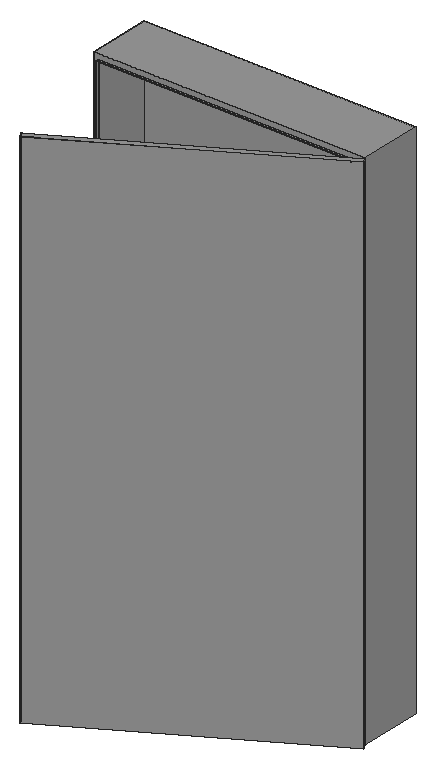
Revit family "Hager-Univers-IP44-D205-H1550-Cl.II-Encl-NoHosted-CH-it", category Electrical Equipment, Revit 2020
Family settings
  Panel Configuration = Two Columns, Circuits Across
  Round Connector Dimension = Use Diameter
  Part Type = Panelboard
  Work Plane-Based = Yes
  Always vertical = Yes
  Cut with Voids When Loaded = No
  Shared = No
  Room Calculation Point = No
Parameters (values of type "A parete IP44 L800 A1550 P205  - FP03SN2")
  Width Control [instance] = if([EF000008 - Larghezza] > Min Width, [EF000008 - Larghezza], Min Width)  # 800 mm
  Type Comments = [HG000003 - Gamma]  # "Univers"
  Thickness Door [instance] = if([EF009171 - spessore materiale porta/coperchio] > 3 mm, 3 mm, [EF009171 - spessore materiale porta/coperchio])  # 1 mm
  Seal Frame Offset [instance] = 17 mm  # constant formula
  Plinth Visibility [instance] = [HG000027 - Altezza dello zoccolo] > 0 mm  # no
  Min Width [instance] = 100 mm  # constant formula
  Min Depth [instance] = (2 * [EF009170 - spessore materiale scatola]) + 1 mm  # 3 mm
  Min Height [instance] = 100 mm  # constant formula
  Internal Frame Depth [instance] = (Door System Depth * 0.5)  # 9 mm
  Panel Name [instance] = ""  # (empty or 0)
  Model = ""
  HG000027 - Altezza dello zoccolo = 0 mm
  HG000026 - A pavimento = no
  HG000024 - Altezza della sezione inferiore = 600 mm
  HG000023 - Custodia a doppia sezione = no
  HG000016 - Visibilità delle porte nella vista 3D [instance] = yes
  HG000015 - Visibilità attraverso la porta [instance] = no
  HG000014 - Porta destra [instance] = yes
  HG000013 - Porta sinistra [instance] = not([HG000014 - Porta destra])  # no
  HG000012 - Angolo di apertura della porta [instance] = 30.00°
  HG000010 - Porte asimmetriche = no
  HG000009 - Porta doppia a battente = no
  HG000006 - Ad incasso = no
  HG000004 - Codice produttore = "FP03SN2"
  HG000003 - Gamma = "Univers"
  HG000002 - Con porta = yes
  Frame Offset Bottom [instance] = 10 mm  # constant formula
  Frame Offset [instance] = 15 mm  # constant formula
  EF015940 - Coprire con rilascio di sovrapressione = no
  EF011959 - tipo di protezione (NEMA) = ""
  EF009554 - numero delle aperture per la piastra della flangia = 6
  EF009212 - esecuzione coperchio = "EV000116 - chiuso"
  EF009171 - spessore materiale porta/coperchio = 1 mm
  EF009170 - spessore materiale scatola = 1 mm
  EF008873 - corrente nominale (In) = 250 A
  EF007800 - adatto per parafulmine = no
  EF006306 - con serratura = no
  EF006244 - coperchio/porta trasparente = no
  EF005474 - grado di protezione (IP) = "EV006418 - IP44"
  EF004464 - tipo di porta = "EV002646 - singolo"
  EF004427 - numero di moduli = 360
  EF004293 - resistenza agli urti = "EV006815 - IK09"
  EF003532 - adatto per uso esterno = no
  EF002950 - Numero moduli DIN = 36
  EF001613 - Integrità del circuito = "EV000494 - senza"
  EF001596 - Attacco Lampada = "EV000179 - acciaio"
  EF001131 - profondità interna = 143 mm
  EF001088 - possibilità di applicazione = yes
  EF000437 - numero di ingressi per conduttori = 6
  EF000339 - tipo di copertura = "EV001012 - coperchio"
  EF000266 - numero di file = 10
  EF000218 - profondità di incasso = 205 mm
  EF000118 - con piastra di montaggio = no
  EF000116 - numero RAL = "9010"
  EF000049 - profondità = 205 mm
  EF000040 - Altezza = 1550 mm
  EF000008 - Larghezza = 800 mm
  EF000007 - colore = "EV000202 - bianco"
  EF000003 - Tipo di montaggio = "EV000384 - A parete"
  Door System Leaf Tolerance [instance] = 1.5 mm  # constant formula
  Door System Depth [instance] = 18 mm  # constant formula
  Door Height [instance] = Height Control - [HG000027 - Altezza dello zoccolo]  # 1550 mm
  Description = ""
  Default Elevation = 1219.2 mm
  Connector Offset [instance] = Height Control / 2  # 775 mm
  Manufacturer = "Hager"  # constant formula
  Height Control [instance] = if([EF000040 - Altezza] > Min Height, [EF000040 - Altezza], Min Height)  # 1550 mm
  Depth Control [instance] = if([EF000049 - profondità] > Min Depth, [EF000049 - profondità], Min Depth)  # 205 mm
  Bottom Top Plate Trim [instance] = 1.5 mm  # constant formula
  Plinth height Ctrl [instance] = if([HG000027 - Altezza dello zoccolo] > 0 mm, [HG000027 - Altezza dello zoccolo], 12 mm)  # 12 mm
Types (5, lengths in mm): name | Width Control | HG000009 - Porta doppia a battente | HG000004 - Codice produttore | EF009554 - numero delle aperture per la piastra della flangia | EF008873 - corrente nominale (In) | EF004464 - tipo di porta | EF004427 - numero di moduli | EF002950 - Numero moduli DIN | EF001131 - profondità interna | EF000437 - numero di ingressi per conduttori | EF000008 - Larghezza
  A parete IP44 L1050 A1550 P205  - FP04SN2 | 1050 | yes | "FP04SN2" | 8 | 400 A | "EV003602 - doppio" | 480 | 48 | 143 | 8 | 1050
  A parete IP44 L1300 A1550 P205  - FP05SN2 | 1300 | yes | "FP05SN2" | 10 | 400 A | "EV003602 - doppio" | 600 | 60 | 143 | 10 | 1300
  A parete IP44 L300 A1550 P205  - FP01SN2 | 300 | no | "FP01SN2" | 2 | 250 A | "EV002646 - singolo" | 120 | 12 | 130 | 2 | 300
  A parete IP44 L550 A1550 P205  - FP02SN2 | 550 | no | "FP02SN2" | 4 | 250 A | "EV002646 - singolo" | 240 | 24 | 143 | 4 | 550
  A parete IP44 L800 A1550 P205  - FP03SN2 | 800 | no | "FP03SN2" | 6 | 250 A | "EV002646 - singolo" | 360 | 36 | 143 | 6 | 800
Reference planes
  plane 1 "Center (Front/Back)": y = 0
  plane 2: z = 0
  plane 3 "Center (Left/Right)": x = 0
  plane 4: y = 0
  plane 5: y = 0
  plane 6: z = 0
  plane 7: x = -400
  plane 8: x = 400
  plane 9: x = 399
  plane 10: x = -399
  plane 11: z = 0
  plane 12: z = 1
  plane 13: y = -205
  plane 14: y = -1
  plane 15: x = 0
  plane 16: y = -187
  plane 17: y = -204
  plane 18: y = -186
  plane 19: x = -384
  plane 20: x = 384
  plane 21: z = 11
  plane 22: x = -383
  plane 23: x = 383
  plane 24: z = 0
  plane 25: z = 1550
  plane 26: z = 1550
  plane 27: z = 1534
  plane 28: z = 1549
Forms (mm)
  Extrusion 1, solid, material "Hager_Steel_RAL7035_Light_Grey", detail levels medium+fine
    sketch origin (-208.679, -4572, 0) x (-1, 0, 0) y (0, -1, 0)
      loop
        line (191.321, -4385) -> (-608.679, -4385) -> (-608.679, -4572) -> (191.321, -4572) -> (191.321, -4385)
    from 0 to 1550
  Extrusion 2, void
    sketch origin (-350.771, -205, 1219.2) x (1, 0, 0) y (0, 0, 1)
      loop
        line (-48.229, 329.8) -> (-48.229, -1218.2) -> (749.771, -1218.2) -> (749.771, 329.8) -> (-48.229, 329.8)
    from -19 to -204
  Extrusion 3, void
    sketch origin (-290.084, -187, 1219.2) x (1, 0, 0) y (0, 0, 1)
      loop
        line (-93.916, -1208.2) -> (674.084, -1208.2) -> (674.084, 314.8) -> (-93.916, 314.8) -> (-93.916, -1208.2)
    from 0 to -1
  Extrusion 4, solid, material "Hager_Steel_RAL7035_Light_Grey", visible <- "Plinth Visibility", detail levels medium+fine
    sketch origin (0, 0, 0) x (1, 0, 0) y (0, 1, 0)
      loop
        line (-400, 0) -> (-400, -187) -> (400, -187) -> (400, 0) -> (-400, 0)
    from 0 to 12 <- "Plinth height Ctrl"
  Extrusion 5, solid, material "Hager_Steel_RAL7035_Light_Grey", detail levels coarse
    sketch origin (0, 0, 0) x (1, 0, 0) y (0, 1, 0)
      loop
        line (-400, 0) -> (-400, -205) -> (400, -205) -> (400, 0) -> (-400, 0)
    from 0 to 1550 <- "Height Control"
  Sweep 6, void
    path in 3D
      loop
        line (-400, -187, 12) -> (400, -187, 12) -> (400, 0, 12) -> (-400, 0, 12) -> (-400, -187, 12)
    profile origin (-400, -93.5, 12) x (1, 0, 0) y (0, 0, 1)
      loop
        line (0, 0) -> (0, -1.5) -> (1.5, -1.5)
        arc (1.5, -1.5) -> (1.061, -0.439) -> (0, 0) r 1.5
  Extrusion 7, solid, material "Hager_Steel_RAL7035_Light_Grey", detail levels fine
    sketch origin (-400, -187, 0) x (1, 0, 0) y (0, 0, 1)
      loop
        line (16, 11) -> (784, 11) -> (784, 1534) -> (16, 1534) -> (16, 11)
      loop
        line (15, 10) -> (785, 10) -> (785, 1535) -> (15, 1535) -> (15, 10)
    from 0 to 9 <- "Internal Frame Depth"
Cuts and joins
  Extrusion 2, Extrusion 3 cuts Extrusion 1
  Sweep 6 cuts Extrusion 4
Lines and regions (mm)
  Masking region 1
    outline origin (0, 0, 0) x (1, 0, 0) y (0, 1, 0)
      loop
        line (-400, 0) -> (-400, -205) -> (400, -205) -> (400, 0) -> (-400, 0)
  Masking region 2, detail levels coarse
    outline origin (-290.084, -187, 1219.2) x (-1, 0, 0) y (0, 0, 1)
      loop
        line (-690.084, -1219.2) -> (109.916, -1219.2) -> (109.916, 330.8) -> (-690.084, 330.8) -> (-690.084, -1219.2)
  Masking region 3, detail levels coarse
    outline origin (0, 0, 0) x (0, 1, 0) y (0, 0, 1)
      loop
        line (0, 0) -> (0, 1550) -> (-205, 1550) -> (-205, 0) -> (0, 0)
  Masking region 4, visible <- "Plinth Visibility", detail levels medium+fine
    outline origin (0, 0, 0) x (0, 1, 0) y (0, 0, 1)
      loop
        line (-1.5, 12) -> (-185.5, 12)
        arc (-185.5, 12) -> (-185.939, 10.939) -> (-187, 10.5) r 1.5
        line (-187, 10.5) -> (-187, 0) -> (0, 0) -> (0, 10.5)
        arc (0, 10.5) -> (-1.061, 10.939) -> (-1.5, 12) r 1.5
  Masking region 5, detail levels medium+fine
    outline origin (0, 0, 594.038) x (0, 1, 0) y (0, 0, 1)
      loop
        line (0, -594.038) -> (0, 955.962) -> (-187, 955.962) -> (-187, -594.038) -> (0, -594.038)
  Masking region 6, detail levels medium+fine
    outline origin (-359.7, -187, 1211.883) x (-1, 0, 0) y (0, 0, 1)
      loop
        line (-759.7, -1211.883) -> (40.3, -1211.883) -> (40.3, 338.117) -> (-759.7, 338.117) -> (-759.7, -1211.883)
  Masking region 7, visible <- "Plinth Visibility", detail levels medium+fine
    outline origin (-320.334, -187, 1041.368) x (-1, 0, 0) y (0, 0, 1)
      loop
        line (-720.334, -1041.368) -> (79.666, -1041.368) -> (79.666, -1030.868)
        arc (79.666, -1030.868) -> (78.606, -1030.429) -> (78.166, -1029.368) r 1.5
        line (78.166, -1029.368) -> (-718.834, -1029.368)
        arc (-718.834, -1029.368) -> (-719.273, -1030.429) -> (-720.334, -1030.868) r 1.5
        line (-720.334, -1030.868) -> (-720.334, -1041.368)
  sketch lines
    curve 1: line (-400, 0, 12) -> (-400, -187, 12)
    curve 2: line (-400, -187, 12) -> (400, -187, 12)
    curve 3: line (400, 0, 12) -> (-400, 0, 12)
    curve 4: line (400, -187, 12) -> (400, 0, 12)
Dimensions and locks
  locked: plane 1 "Center (Front/Back)" to plane 5
  "EF009170 - spessore materiale scatola": plane 7 to plane 10
  "EF009170 - spessore materiale scatola": plane 8 to plane 9
  equal spacing: plane 7, plane 3 "Center (Left/Right)", plane 8
  "Width Control": plane 7 to plane 8
  "Depth Control": plane 4 to plane 13
  "EF009170 - spessore materiale scatola": plane 4 to plane 14
  "Height Control": plane 25 to level
  "HG000027 - Altezza dello zoccolo": plane 11 to level
  "EF009170 - spessore materiale scatola": plane 12 to plane 11
  "EF009170 - spessore materiale scatola": plane 17 to plane 13
  "EF009170 - spessore materiale scatola": plane 18 to plane 16
  "Frame Offset Bottom": plane 21 to plane 12
  "Frame Offset": plane 10 to plane 19
  "Frame Offset": plane 9 to plane 20
  "Door System Depth": plane 16 to plane 13
  "Seal Frame Offset": plane 7 to plane 22
  "Seal Frame Offset": plane 8 to plane 23
  "EF009170 - spessore materiale scatola": plane 26 to plane 28
  "Frame Offset": plane 28 to plane 27
  "Connector Offset": plane 2 to connector elem
  "Bottom Top Plate Trim": profile plane to Sweep 6 sketch curve
  "Bottom Top Plate Trim": Sweep 6 sketch curve to Sweep 6 sketch curve
  "Plinth height Ctrl": Masking region 4 sketch curve to level
  "Plinth height Ctrl": Masking region 7 sketch curve to level
  "Thickness Door": Extrusion 7 sketch curve to Extrusion 7 sketch curve  (x4)
  "Bottom Top Plate Trim": radius of Sweep 6 sketch curve
  "Bottom Top Plate Trim": radius of Masking region 4 sketch curve  (x2)
  "Bottom Top Plate Trim": radius of Masking region 7 sketch curve  (x2)
  aligned and locked: Extrusion 2 sketch curve to plane 12
  aligned and locked: Extrusion 2 sketch curve to plane 9
  aligned and locked: Extrusion 2 sketch curve to plane 10
  aligned and locked: Extrusion 2 to plane 14
  aligned and locked: Extrusion 1 sketch curve to plane 4
  aligned and locked: plane 8 to Extrusion 1 sketch curve
  aligned and locked: plane 7 to Extrusion 1 sketch curve
  aligned and locked: Extrusion 2 to plane 18
  aligned and locked: Extrusion 3 sketch curve to plane 19
  aligned and locked: plane 20 to Extrusion 3 sketch curve
  aligned and locked: Extrusion 3 to Extrusion 2
  aligned and locked: Extrusion 3 sketch curve to plane 21
  aligned and locked: plane 3 "Center (Left/Right)" to nested 1
  aligned and locked: Extrusion 1 sketch curve to plane 16
  aligned and locked: Extrusion 4 sketch curve to cut or joined group of Extrusion 1, Extrusion 2, Extrusion 3
  aligned and locked: Masking region 1 sketch curve to plane 7
  aligned and locked: Masking region 1 sketch curve to plane 5
  aligned and locked: Masking region 1 sketch curve to plane 8
  aligned and locked: Masking region 2 sketch curve to level
  aligned and locked: level to Masking region 3 sketch curve
  aligned and locked: plane 1 "Center (Front/Back)" to Masking region 3 sketch curve
  aligned and locked: plane 13 to Masking region 3 sketch curve
  aligned and locked: plane 5 to Masking region 4 sketch curve
  aligned and locked: Masking region 2 sketch curve to plane 8
  aligned and locked: Masking region 2 sketch curve to plane 7
  aligned and locked: plane 7 to nested 2
  aligned and locked: nested 2 to plane 5
  aligned and locked: plane 5 to Masking region 5 sketch curve
  aligned and locked: plane 26 to Masking region 5 sketch curve
  aligned and locked: Extrusion 5 sketch curve to plane 8
  aligned and locked: Extrusion 5 sketch curve to plane 7
  aligned and locked: Extrusion 5 sketch curve to plane 5
  aligned and locked: Extrusion 3 sketch curve to plane 27
  aligned and locked: Extrusion 2 sketch curve to plane 28
  aligned and locked: Masking region 2 to plane 25
  aligned and locked: Extrusion 4 to plane 16
  aligned and locked: profile plane to Sweep 6 sketch curve
  aligned and locked: Masking region 5 sketch curve to plane 24
  aligned and locked: level to Masking region 4 sketch curve
  aligned and locked: Masking region 1 to plane 13
  aligned and locked: nested 1 to plane 16
  aligned and locked: Masking region 3 to plane 25
  aligned and locked: plane 16 to Masking region 4 sketch curve
  aligned and locked: Masking region 5 sketch curve to plane 16
  aligned and locked: plane 24 to plane 11
  aligned and locked: plane 26 to plane 25
  aligned and locked: plane 26 to cut or joined group of Extrusion 1, Extrusion 2, Extrusion 3
  aligned and locked: nested 1 to plane 24
  aligned and locked: Extrusion 1 to Extrusion 3
  aligned and locked: Masking region 6 sketch curve to plane 8
  aligned and locked: Masking region 6 sketch curve to plane 24
  aligned and locked: Masking region 6 sketch curve to plane 7
  aligned and locked: Masking region 6 sketch curve to plane 26
  aligned and locked: Masking region 7 sketch curve to plane 7
  aligned and locked: level to Masking region 7 sketch curve
  aligned and locked: Masking region 7 sketch curve to plane 8
  aligned and locked: Extrusion 7 sketch curve to cut or joined group of Extrusion 1, Extrusion 2, Extrusion 3  (x4)
Automatic sketch dimensions
  plane 19 to Extrusion 3 sketch curve = 0 mm
  Extrusion 3 sketch curve to plane 20 = 0 mm
  Extrusion 3 sketch curve to plane 21 = 0 mm
  Extrusion 4 sketch curve to plane 7 = 0 mm
  Extrusion 4 sketch curve to plane 8 = 0 mm
  Extrusion 4 sketch curve to plane 16 = 0 mm
  Masking region 1 sketch curve to plane 13 = 0 mm
  Masking region 2 sketch curve to plane 25 = 0 mm
  Masking region 3 sketch curve to plane 25 = 0 mm
  Extrusion 5 sketch curve to plane 13 = 0 mm
  profile plane to Sweep 6 sketch curve = 0 mm
Nested families
  nested 1: "EC000058_Univers_Door" at (0, -187, 0), Double <- "HG000009 - Porta doppia a battente", Transparent <- "EF006244 - coperchio/porta trasparente", Angle <- "HG000012 - Angolo di apertura della porta", Door_Right <- "HG000014 - Porta destra", Assymetrical <- "HG000010 - Porte asimmetriche", Door <- "HG000002 - Con porta", Width_Ctrl <- "Width Control", 3d_Door <- "HG000016 - Visibilità delle porte nella vista 3D", Clearance <- "HG000015 - Visibilità attraverso la porta", Door_Left <- "HG000013 - Porta sinistra", Width <- "Width Control", Door_Depth <- "Door System Depth", Leaf_Tolerance <- "Door System Leaf Tolerance", Height <- "Door Height", Lock_Visibility <- "EF006306 - con serratura", Thickness <- "Thickness Door", type "EC000058_Univers_Door", detail levels medium+fine
    with min_wh 3 mm, Width_Ctrl 800 mm, Width 800 mm, Transparent no, Thickness 1 mm, Seal_Material Hager_Rubber, Lock_Visibility no, Lock_Material Hager_Plastic_RAL9005_Jet_Black, Leaf_Width 800 mm, Leaf_Tolerance_External_Sides 0 mm, Leaf_Tolerance 1.5 mm, Leaf_Offset 0 mm, Leaf_Height 1547 mm, Leaf_2_Width 800 mm, Leaf_2_Offset 400 mm, Leaf_1_Width 800 mm, Leaf_1_Offset 400 mm, Height_Ctrl 1550 mm, Height 1550 mm, Glass_Material Hager_Glass, Double_Clearance_Ctrl no, Double no, Door_Right_Ctrl yes, Door_Right yes, Door_Material Hager_Steel_RAL7035_Light_Grey, Door_Left_Ctrl no, Door_Left no, Door_Depth 18 mm, Door yes, Clearance_Material Hager_Clearance, Clearance_Depth 800 mm, Clearance_Ctrl no, Clearance no, Assymetrical no, Angle 30.00°, 3d_Door yes
  nested 2: "Hager_Enclosure_Symbol" at (-400, 0, 0), Height <- "Depth Control", Width <- "Width Control", type "Hager_Enclosure_Symbol"
    with Width_Ctrl 800 mm, Width 800 mm, Height_Ctrl 205 mm, Height 205 mm, A_Width_Int 13.453 mm, A_Width 161.438 mm, A_Height_Ctrl 179.375 mm, A_Height 179.375 mm
Connectors
  electrical at (0, 0, 775)
    settings: on plane 1 "Center (Front/Back)", index 1, voltage 0 V, apparent load 0 VA, apparent load phase1 0 VA, apparent load phase2 0 VA, apparent load phase3 0 VA, power factor 1, load classification "Other", number of poles 1, system type 30, power factor state 1, is connector primary yes, connector utility no, sub classification motor no, connector description ""
Definition of nested family "EC000058_Univers_Door"
  Parameters (values of type "EC000058_Univers_Door")
    min_wh [instance] = (2 * Thickness) + 1 mm  # 11 mm
    Width_Ctrl [instance] = 400 mm
    Width [instance] = 500 mm
    Transparent [instance] = yes
    Thickness [instance] = 5 mm
    Seal_Material [instance] = none
    Lock_Visibility [instance] = yes
    Lock_Material [instance] = none
    Leaf_Width [instance] = if((Width_Ctrl - 2 * Leaf_Tolerance_External_Sides) > 0 mm, (Width_Ctrl - 2 * Leaf_Tolerance_External_Sides), min_wh)  # 400 mm
    Leaf_Tolerance_External_Sides [instance] = 0 mm  # constant formula
    Leaf_Tolerance [instance] = 1.5 mm
    Leaf_Offset [instance] = 0 mm  # constant formula
    Leaf_Height [instance] = if((Height_Ctrl - 2 * Leaf_Tolerance) > 0 mm, (Height_Ctrl - 2 * Leaf_Tolerance), min_wh)  # 497 mm
    Leaf_2_Width [instance] = if(and(and(Double, Assymetrical), Door_Left), (Leaf_Width / 3) - (Leaf_Tolerance / 2), if(and(and(Double, Assymetrical), Door_Right), (Leaf_Width / 3) * 2 - (Leaf_Tolerance / 2), if(and(Double, not(Assymetrical)), (Leaf_Width / 2) - Leaf_Tolerance, Leaf_Width)))  # 400 mm
    Leaf_2_Offset [instance] = if(and(Double, Assymetrical), Leaf_2_Width / 2, if(and(Double, not(Assymetrical)), Leaf_Width / 4, Leaf_Width / 2))  # 200 mm
    Leaf_1_Width [instance] = if(and(and(Double, Assymetrical), Door_Right), (Leaf_Width / 3) - (Leaf_Tolerance / 2), if(and(and(Double, Assymetrical), Door_Left), (Width / 3) * 2 - (Leaf_Tolerance / 2), if(and(Double, not(Assymetrical)), (Leaf_Width / 2) - Leaf_Tolerance, Leaf_Width)))  # 400 mm
    Leaf_1_Offset [instance] = if(and(Double, Assymetrical), Leaf_1_Width / 2, if(and(Double, not(Assymetrical)), Leaf_Width / 4, Leaf_Width / 2))  # 200 mm
    Height_Ctrl [instance] = if(Height > min_wh, Height, min_wh)  # 500 mm
    Height [instance] = 500 mm
    Glass_Material [instance] = none
    Double_Clearance_Ctrl [instance] = and(Double, Clearance)  # no
    Double [instance] = no
    Door_Right_Ctrl [instance] = and(or(Door_Right, Double), Door)  # yes
    Door_Right [instance] = yes
    Door_Material [instance] = none
    Door_Left_Ctrl [instance] = and(or(Door_Left, Double), Door)  # no
    Door_Left [instance] = no
    Door_Depth [instance] = 30 mm
    Door [instance] = yes
    Default Elevation = 1219.2 mm
    Clearance_Material [instance] = none
    Clearance_Depth [instance] = if(Leaf_1_Width > Leaf_2_Width, Leaf_1_Width, Leaf_2_Width)  # 400 mm
    Clearance_Ctrl [instance] = and(not(Double), Clearance)  # yes
    Clearance [instance] = yes
    Assymetrical [instance] = yes
    Angle [instance] = 30.00°
    3d_Door [instance] = yes
  Reference planes
    plane 1 "Center (Front/Back)": y = 0
    plane 2 "Bottom": z = 0
    plane 3 "Center (Left/Right)": x = 0
    plane 4: z = 500
    plane 5: x = -200
    plane 6: x = 200
    plane 7: z = 500
    plane 8: x = -200
    plane 9: z = 0
    plane 10: x = 200
    plane 11: y = 0
    plane 12: z = 1.5
    plane 13: x = -600
    plane 14: y = -400
    plane 15: x = 600
    plane 16: x = 0
    plane 17: x = 0
    plane 18: x = -200
    plane 19: x = 200
    plane 20: z = 498.5
  Forms (mm)
    Extrusion 1, solid, material <- "Clearance_Material", visible <- "Double_Clearance_Ctrl"
      sketch origin (1200, 0, 0) x (1, 0, 0) y (0, 0, -1)
        loop
          line (-1800, -498.5) -> (-600, -498.5) -> (-600, 0) -> (-1800, 0) -> (-1800, -498.5)
      from 0 to -400
  Dimensions and locks
    equal spacing: plane 5, plane 3 "Center (Left/Right)", plane 6
    "Width_Ctrl": plane 5 to plane 6
    "Leaf_Offset": plane 5 to plane 8
    "Leaf_Offset": plane 6 to plane 10
    "Leaf_Offset": plane 9 to level
    "Leaf_Offset": plane 4 to plane 7
    "Height_Ctrl": plane 4 to level
    "Leaf_Tolerance": plane 12 to plane 9
    locked: plane 11 to plane 1 "Center (Front/Back)"
    "Leaf_1_Offset": plane 18 to plane 16
    "Leaf_2_Offset": plane 17 to plane 19
    "Leaf_1_Width": plane 13 to plane 8
    "Leaf_2_Width": plane 10 to plane 15
    "Clearance_Depth": plane 14 to plane 1 "Center (Front/Back)"
    "Leaf_Tolerance_External_Sides": plane 8 to plane 18
    "Leaf_Tolerance_External_Sides": plane 19 to plane 10
    "Leaf_Tolerance": plane 7 to plane 20
    aligned and locked: level to plane 2 "Bottom"
    aligned and locked: nested 1 to plane 16
    aligned and locked: nested 2 to plane 17
    aligned and locked: Extrusion 1 to plane 13
    aligned and locked: plane 15 to Extrusion 1
    aligned and locked: Extrusion 1 to plane 14
    aligned and locked: plane 12 to nested 1
    aligned and locked: nested 2 to plane 12
    aligned and locked: Extrusion 1 to plane 11
    aligned and locked: plane 20 to Extrusion 1
    aligned and locked: nested 2 to plane 11
    aligned and locked: nested 1 to plane 11
  Automatic sketch dimensions
    Extrusion 1 sketch curve to level = 0 mm
    plane 5 to Extrusion 1 sketch curve = 400 mm
    plane 6 to Extrusion 1 sketch curve = 400 mm
    Extrusion 1 sketch curve to plane 4 = 1.5 mm
  Nested families
    nested 1: "EC000058_Univers_Door_Leaf" at (0, 0, 1.5), Width <- "Leaf_1_Width", visible <- "Door_Left_Ctrl", Leaf_Height <- "Leaf_Height", Angle <- "Angle", 3d_Door <- "3d_Door", Transparent <- "Transparent", Clearance Material <- "Clearance_Material", Clearance <- "Clearance_Ctrl", Door_Material <- "Door_Material", Glass_Material <- "Glass_Material", Door_Depth <- "Door_Depth", Lock_Material <- "Lock_Material", Seal_Material <- "Seal_Material", Lock_Visibility <- "Lock_Visibility", Thickness <- "Thickness", type "EC000058_Univers_Door_Leaf"
      with Width 400 mm, Transparent_Glass_Offset 30 mm, Transparent_Ctrl yes, Transparent yes, Thickness 5 mm, Standard no, Seal_Material none, Seal_D2 8 mm, Seal_D1 1 mm, Offset_Internal_Frame 10 mm, Lock_Width 20 mm, Lock_Visibility_3d yes, Lock_Visibility yes, Lock_Thickness_3 3 mm, Lock_Thickness_2 1 mm, Lock_Thickness_1 3 mm, Lock_Radius_Offset_2 16 mm, Lock_Radius_Offset_1 15 mm, Lock_Radius_2 5 mm, Lock_Radius 6 mm, Lock_Offset 5 mm, Lock_Material none, Lock_Height 80 mm, Lock_Cover_Top_Offset_2d 17 mm, Lock_Cover_Height -65 mm, Leaf_Height 497 mm, Internal_Seal_Thickness 8 mm, Internal_Seal_Depth_2 4.5 mm, Internal_Frame_Depth 25 mm, Glass_Thickness -1 mm, Glass_Offset -2 mm, Glass_Material none, Door_Material none, Door_Depth 30 mm, Clearance Material none, Clearance yes, Angle_Ctrl 30.00°, Angle 30.00°, 3d_Door yes
    nested 2: "EC000058_Univers_Door_Leaf" at (0, 0, 1.5) x (-1, 0, 0) z (0, 0, 1), Width <- "Leaf_2_Width", visible <- "Door_Right_Ctrl", Leaf_Height <- "Leaf_Height", Angle <- "Angle", 3d_Door <- "3d_Door", Transparent <- "Transparent", Clearance Material <- "Clearance_Material", Clearance <- "Clearance_Ctrl", Door_Material <- "Door_Material", Glass_Material <- "Glass_Material", Door_Depth <- "Door_Depth", Lock_Material <- "Lock_Material", Seal_Material <- "Seal_Material", Lock_Visibility <- "Lock_Visibility", Thickness <- "Thickness", type "EC000058_Univers_Door_Leaf"
      with Width 400 mm, Transparent_Glass_Offset 30 mm, Transparent_Ctrl yes, Transparent yes, Thickness 5 mm, Standard no, Seal_Material none, Seal_D2 8 mm, Seal_D1 1 mm, Offset_Internal_Frame 10 mm, Lock_Width 20 mm, Lock_Visibility_3d yes, Lock_Visibility yes, Lock_Thickness_3 3 mm, Lock_Thickness_2 1 mm, Lock_Thickness_1 3 mm, Lock_Radius_Offset_2 16 mm, Lock_Radius_Offset_1 15 mm, Lock_Radius_2 5 mm, Lock_Radius 6 mm, Lock_Offset 5 mm, Lock_Material none, Lock_Height 80 mm, Lock_Cover_Top_Offset_2d 17 mm, Lock_Cover_Height -65 mm, Leaf_Height 497 mm, Internal_Seal_Thickness 8 mm, Internal_Seal_Depth_2 4.5 mm, Internal_Frame_Depth 25 mm, Glass_Thickness -1 mm, Glass_Offset -2 mm, Glass_Material none, Door_Material none, Door_Depth 30 mm, Clearance Material none, Clearance yes, Angle_Ctrl 30.00°, Angle 30.00°, 3d_Door yes
  Definition of nested family "EC000058_Univers_Door_Leaf"
    Parameters (values of type "EC000058_Univers_Door_Leaf")
      Width [instance] = 2000 mm
      Transparent_Glass_Offset [instance] = 30 mm
      Transparent_Ctrl [instance] = and(Transparent, [3d_Door])  # yes
      Transparent [instance] = yes
      Thickness [instance] = 5 mm
      Standard [instance] = and(not(Transparent), [3d_Door])  # no
      Seal_Material [instance] = none
      Seal_D2 [instance] = 8 mm  # constant formula
      Seal_D1 [instance] = 1 mm  # constant formula
      Offset_Internal_Frame [instance] = 10 mm  # constant formula
      Lock_Width [instance] = 20 mm  # constant formula
      Lock_Visibility_3d [instance] = and(Lock_Visibility, [3d_Door])  # yes
      Lock_Visibility [instance] = yes
      Lock_Thickness_3 [instance] = 3 mm  # constant formula
      Lock_Thickness_2 [instance] = 1 mm  # constant formula
      Lock_Thickness_1 [instance] = 3 mm  # constant formula
      Lock_Radius_Offset_2 [instance] = Lock_Radius_Offset_1 + 1 mm  # 16 mm
      Lock_Radius_Offset_1 [instance] = 15 mm  # constant formula
      Lock_Radius_2 [instance] = Lock_Radius - 1 mm  # 5 mm
      Lock_Radius [instance] = 6 mm  # constant formula
      Lock_Offset [instance] = 5 mm  # constant formula
      Lock_Material [instance] = none
      Lock_Height [instance] = 80 mm  # constant formula
      Lock_Cover_Top_Offset_2d [instance] = Lock_Radius_Offset_2 + 1 mm  # 17 mm
      Lock_Cover_Height [instance] = -(Lock_Height - Lock_Radius_Offset_1)  # -65 mm
      Leaf_Height [instance] = 2720.336 mm
      Internal_Seal_Thickness [instance] = 8 mm  # constant formula
      Internal_Seal_Depth_2 [instance] = 4.5 mm  # constant formula
      Internal_Frame_Depth [instance] = if(Door_Depth - Thickness > 5 mm, Door_Depth - Thickness, 5 mm)  # 25 mm
      Glass_Thickness [instance] = if(Thickness > 15 mm, Glass_Offset + 10 mm, -1 mm)  # -1 mm
      Glass_Offset [instance] = if(Thickness > 15 mm, -(Thickness + 10 mm) / 2, -2 mm)  # -2 mm
      Glass_Material [instance] = none
      Door_Material [instance] = none
      Door_Depth [instance] = 30 mm
      Default Elevation = 0 mm
      Clearance Material [instance] = none
      Clearance [instance] = yes
      Angle_Ctrl [instance] = if(Angle > 180.00°, 180.00°, Angle)  # 90.00°
      Angle [instance] = 90.00°
      3d_Door [instance] = yes
    Reference planes
      plane 1 "Center (Front/Back)": y = 0
      plane 2: z = 0
      plane 3 "Center (Left/Right)": x = 0
      plane 4: y = 2000
      plane 5: x = -1000
      plane 6: x = 1000
      plane 7: x = -3000
      plane 8: z = 2720.336
      plane 9: z = 30
      plane 10: z = 2690.336
      plane 11: x = 970
      plane 12: x = -970
      plane 13: y = -3
      plane 14: z = 107.833
      plane 15: y = -5
      plane 16: y = -223.314
      plane 17: x = -1000
      plane 18: z = 1360.168
      plane 19: y = 30
    Forms (mm)
      Extrusion 1, solid, material <- "Clearance Material", visible <- "Clearance"
        sketch origin (0, 0, 0) x (1, 0, 0) y (0, 0, 1)
          loop
            line (-3000, 2720.336) -> (-3000, 0) -> (1000, 0) -> (1000, 2720.336) -> (-3000, 2720.336)
        from 0 to -2000
      Extrusion 2, solid, material <- "Door_Material", visible <- "Standard", detail levels medium+fine
        sketch origin (-1000, 0, 0) x (0, 1, 0) y (-1, 0, 0)
          loop
            line (0, 30) -> (0, 25) -> (2000, 25) -> (2000, 30) -> (0, 30)
        from 0 to 2720.336 <- "Leaf_Height"
      Extrusion 3, solid, material <- "Door_Material", visible <- "Transparent_Ctrl", detail levels medium+fine
        sketch origin (-1000, 0, 0) x (0, 1, 0) y (-1, 0, 0)
          loop
            line (0, 25) -> (2000, 25) -> (2000, 30) -> (0, 30) -> (0, 25)
        from 0 to 2720.336 <- "Leaf_Height"
      Extrusion 4, void
        sketch origin (-1025, 2000, 0) x (0, 1, 0) y (0, 0, -1)
          loop
            line (-30, -2690.336) -> (-30, -30) -> (-1970, -30) -> (-1970, -2690.336) -> (-30, -2690.336)
        from 0 to 5 <- "Thickness"
      Sweep 5, solid, material <- "Seal_Material", visible <- "Transparent_Ctrl", detail levels fine
        path in 3D
          loop
            line (-1025, 30, 30) -> (-1025, 30, 2690.336) -> (-1025, 1970, 2690.336) -> (-1025, 1970, 30) -> (-1025, 30, 30)
        profile origin (-1025, 1000, 30) x (1, 0, 0) y (0, 0, 1)
          loop
            line (0, 0) -> (0, -8) -> (1, -8) -> (1, 0) -> (0, 0)
      Extrusion 6, solid, material <- "Glass_Material", visible <- "Transparent_Ctrl", detail levels medium+fine
        sketch origin (-1030, 0, 0) x (0, 1, 0) y (0, 0, -1)
          loop
            line (1970, -2690.336) -> (1970, -30) -> (30, -30) -> (30, -2690.336) -> (1970, -2690.336)
        from -2 <- "Glass_Offset" to -1 <- "Glass_Thickness"
      Extrusion 7, solid, material <- "Door_Material", visible <- "3d_Door", detail levels medium+fine
        sketch origin (-1025, 2000, 0) x (0, -1, 0) y (0, 0, -1)
          loop
            line (0, -2720.336) -> (2000, -2720.336) -> (2000, 0) -> (0, 0) -> (0, -2720.336)
          loop
            line (1995, -5) -> (5, -5) -> (5, -2715.336) -> (1995, -2715.336) -> (1995, -5)
        from 0 to 25 <- "Internal_Frame_Depth"
      Sweep 8, solid, material <- "Seal_Material", visible <- "Transparent_Ctrl", detail levels fine
        path in 3D
          loop
            line (-1025, 0, 0) -> (-1025, 2000, 0) -> (-1025, 2000, 2720.336) -> (-1025, 0, 2720.336) -> (-1025, 0, 0)
        profile origin (-1025, 0, 1360.168) x (1, 0, 0) y (0, 1, 0)
          loop
            line (0, 10) -> (2.975, 10)
            arc (2.975, 10) -> (4.053, 10.447) -> (4.5, 11.525) r 1.525
            line (4.5, 11.525) -> (4.5, 16.527)
            arc (4.5, 16.527) -> (4.069, 17.569) -> (3.027, 18) r 1.473
            line (3.027, 18) -> (0, 18) -> (0, 10)
      Extrusion 9, solid, material <- "Lock_Material", visible <- "Lock_Visibility_3d", detail levels fine
        sketch origin (-1030, 0, 0) x (0, 1, 0) y (0, 0, -1)
          loop
            arc (1993.5, -1400.168) -> (1994.561, -1399.729) -> (1995, -1398.668) r 1.5
            line (1995, -1398.668) -> (1995, -1320.168) -> (1975, -1320.168) -> (1975, -1398.668)
            arc (1975, -1398.668) -> (1975.439, -1399.729) -> (1976.5, -1400.168) r 1.5
            line (1976.5, -1400.168) -> (1993.5, -1400.168)
        from 3 <- "Lock_Thickness_1" to 0
      Blend 10, solid, material <- "Lock_Material", visible <- "Lock_Visibility_3d", detail levels fine
        base sketch origin (-1033, 0, 0) x (0, 1, 0) y (0, 0, -1)
          loop
            line (1975, -1320.168) -> (1975, -1398.668)
            arc (1975, -1398.668) -> (1975.439, -1399.729) -> (1976.5, -1400.168) r 1.5
            line (1976.5, -1400.168) -> (1993.5, -1400.168)
            arc (1993.5, -1400.168) -> (1994.561, -1399.729) -> (1995, -1398.668) r 1.5
            line (1995, -1398.668) -> (1995, -1320.168) -> (1975, -1320.168)
        top sketch origin (-1033, 0, 0) x (0, 1, 0) y (0, 0, -1)
          loop
            line (1976, -1320.168) -> (1976, -1398.668)
            arc (1976, -1398.668) -> (1976.146, -1399.022) -> (1976.5, -1399.168) r 0.5
            line (1976.5, -1399.168) -> (1993.5, -1399.168)
            arc (1993.5, -1399.168) -> (1993.854, -1399.022) -> (1994, -1398.668) r 0.5
            line (1994, -1398.668) -> (1994, -1320.168) -> (1976, -1320.168)
        from 0 to 1 <- "Lock_Thickness_2"
      Blend 11, solid, material <- "Lock_Material", visible <- "Lock_Visibility_3d", detail levels fine
        base sketch origin (-1034, 0, 0) x (0, 1, 0) y (0, 0, -1)
          loop
            line (1978, -1320.168) -> (1978, -1384.168)
            arc (1978, -1384.168) -> (1985, -1391.168) -> (1992, -1384.168) r 7
            line (1992, -1384.168) -> (1992, -1320.168) -> (1978, -1320.168)
        top sketch origin (-1034, 0, 0) x (0, 1, 0) y (0, 0, -1)
          loop
            line (1991, -1320.168) -> (1979, -1320.168) -> (1979, -1383.168)
            arc (1979, -1383.168) -> (1985, -1389.168) -> (1991, -1383.168) r 6
            line (1991, -1383.168) -> (1991, -1320.168)
        from 0 to 3 <- "Lock_Thickness_3"
      Extrusion 12, solid, material <- "Lock_Material", visible <- "Lock_Visibility_3d", detail levels fine
        sketch origin (-1030, 1975, 1320.168) x (1, 0, 0) y (0, -1, 0)
          loop
            line (-7, -19) -> (-7, -1) -> (0, -1) -> (0, 0) -> (-8, 0) -> (-8, -20) -> (0, -20) -> (0, -19) -> (-7, -19)
        from 0 to -65 <- "Lock_Cover_Height"
      Extrusion 13, void
        sketch origin (-1038, 1995, 1320.168) x (-1, 0, 0) y (0, 0, -1)
          loop
            line (-5, -65) -> (0, -65) -> (-5, -60) -> (-5, -65)
        from 0 to 20 <- "Lock_Width"
      Extrusion 14, void
        sketch origin (-1038, 1975, 1320.168) x (0, -1, 0) y (0, 0, -1)
          loop
            circle (-10, -15.995) r 6
          loop
            circle (-10, -15.995) r 5
        from 0 to 2
      Extrusion 15, solid, material <- "Lock_Material", visible <- "Lock_Visibility_3d", detail levels medium
        sketch origin (-1030, 0, 0) x (0, 1, 0) y (0, 0, -1)
          loop
            arc (1993.5, -1400.168) -> (1994.561, -1399.729) -> (1995, -1398.668) r 1.5
            line (1995, -1398.668) -> (1995, -1320.168) -> (1975, -1320.168) -> (1975, -1398.668)
            arc (1975, -1398.668) -> (1975.439, -1399.729) -> (1976.5, -1400.168) r 1.5
            line (1976.5, -1400.168) -> (1993.5, -1400.168)
        from 8 to 0
    Cuts and joins
      Extrusion 4 cuts Extrusion 3
      Extrusion 13, Extrusion 14 cuts Extrusion 9
      Extrusion 14 cuts Blend 11
      Extrusion 13, Extrusion 14 cuts Extrusion 12
      joined: Extrusion 9, Blend 10, Blend 11, Extrusion 12
      Extrusion 14 cuts Extrusion 15
    Lines and regions (mm)
      Masking region 1, visible <- "Lock_Visibility", detail levels fine
        outline origin (0, 0, 0) x (0, 1, 0) y (0, 0, 1)
          loop
            line (30, 1320.168) -> (33, 1320.168) -> (33, 1400.168) -> (30, 1400.168) -> (30, 1320.168)
      Masking region 2, visible <- "Lock_Visibility", detail levels fine
        outline origin (0, 3.143, 0) x (0, 1, 0) y (0, 0, 1)
          loop
            line (29.857, 1354.168) -> (30.857, 1354.168) -> (30.857, 1366.168) -> (29.857, 1366.168) -> (29.857, 1354.168)
      Masking region 3, detail levels medium+fine
        outline origin (0, 0, 0) x (0, 1, 0) y (0, 0, 1)
          loop
            line (0, 0) -> (30, 0) -> (30, 2720.336) -> (0, 2720.336) -> (0, 0)
      Masking region 4, detail levels medium+fine
        outline origin (0, 0, 0) x (1, 0, 0) y (0, 0, 1)
          loop
            line (-1000, 2720.336) -> (-1000, 0) -> (1000, 0) -> (1000, 2720.336) -> (-1000, 2720.336)
      Masking region 5, visible <- "Lock_Visibility", detail levels fine
        outline origin (-47.116, 0, 0) x (1, 0, 0) y (0, 0, 1)
          loop
            arc (1024.616, 1399.168) -> (1023.556, 1398.729) -> (1023.116, 1397.668) r 1.5
            line (1023.116, 1397.668) -> (1023.116, 1320.168) -> (1041.116, 1320.168) -> (1041.116, 1397.668)
            arc (1041.116, 1397.668) -> (1040.677, 1398.729) -> (1039.616, 1399.168) r 1.5
            line (1039.616, 1399.168) -> (1024.616, 1399.168)
      Masking region 6, visible <- "Lock_Visibility", detail levels medium+fine
        outline origin (-25, 0, 0) x (1, 0, 0) y (0, 0, 1)
          loop
            arc (1001.5, 1400.168) -> (1000.439, 1399.729) -> (1000, 1398.668) r 1.5
            line (1000, 1398.668) -> (1000, 1320.168) -> (1020, 1320.168) -> (1020, 1398.668)
            arc (1020, 1398.668) -> (1019.561, 1399.729) -> (1018.5, 1400.168) r 1.5
            line (1018.5, 1400.168) -> (1001.5, 1400.168)
      Masking region 7, visible <- "Lock_Visibility", detail levels fine
        outline origin (-73.735, 0, 0) x (1, 0, 0) y (0, 0, 1)
          loop
            line (1051.735, 1382.168) -> (1065.735, 1382.168) -> (1065.735, 1384.168)
            arc (1065.735, 1384.168) -> (1058.735, 1391.168) -> (1051.735, 1384.168) r 7
            line (1051.735, 1384.168) -> (1051.735, 1382.168)
      Masking region 8, visible <- "Lock_Visibility", detail levels fine
        outline origin (-73.735, 0, 0) x (1, 0, 0) y (0, 0, 1)
          loop
            line (1052.735, 1382.168) -> (1064.735, 1382.168) -> (1064.735, 1383.168)
            arc (1064.735, 1383.168) -> (1058.735, 1389.168) -> (1052.735, 1383.168) r 6
            line (1052.735, 1383.168) -> (1052.735, 1382.168)
      Masking region 9, visible <- "Lock_Visibility", detail levels fine
        outline origin (-25, 0, 0) x (1, 0, 0) y (0, 0, 1)
          loop
            line (1020, 1320.168) -> (1020, 1382.168) -> (1000, 1382.168) -> (1000, 1320.168) -> (1020, 1320.168)
      Masking region 10, detail levels medium+fine
        outline origin (0, 0, 0) x (1, 0, 0) y (0, 0, 1)
          loop
            circle (985, 1335.144) r 6
      Masking region 11, detail levels fine
        outline origin (0, 0, 0) x (1, 0, 0) y (0, 0, 1)
          loop
            circle (985, 1335.144) r 5
      Masking region 12, visible <- "Lock_Visibility", detail levels fine
        outline origin (0, 12.767, 0) x (0, 1, 0) y (0, 0, 1)
          loop
            line (20.233, 1320.168) -> (21.233, 1320.168) -> (21.233, 1399.168) -> (20.233, 1400.168) -> (20.233, 1320.168)
      Masking region 13, visible <- "Lock_Visibility", detail levels fine
        outline origin (0, 13.767, -10) x (0, 1, 0) y (0, 0, 1)
          loop
            line (20.233, 1330.168) -> (23.233, 1330.168) -> (23.233, 1399.168) -> (20.233, 1402.168) -> (20.233, 1330.168)
      Masking region 14, visible <- "Lock_Visibility", detail levels fine
        outline origin (0, 12.767, -10) x (0, 1, 0) y (0, 0, 1)
          loop
            line (20.233, 1330.168) -> (25.233, 1330.168) -> (25.233, 1399.305) -> (20.233, 1394.305) -> (20.233, 1330.168)
      Masking region 15, visible <- "Lock_Visibility", detail levels medium
        outline origin (0, 0, 0) x (0, 1, 0) y (0, 0, 1)
          loop
            line (30, 1320.168) -> (38, 1320.168) -> (38, 1400.168) -> (30, 1400.168) -> (30, 1320.168)
      Masking region 16, visible <- "Lock_Visibility", detail levels fine
        outline origin (-1000, 0, 0) x (0, 1, 0) y (-1, 0, 0)
          loop
            line (1975, 30) -> (1995, 30) -> (1995, 38) -> (1975, 38) -> (1975, 30)
          loop
            line (1979, 37) -> (1976, 37) -> (1976, 34) -> (1978, 34) -> (1979, 37)
          loop
            line (1994, 37) -> (1991, 37) -> (1992, 34) -> (1994, 34) -> (1994, 37)
      Masking region 17, visible <- "Lock_Visibility", detail levels medium
        outline origin (-1000, 0, 0) x (0, 1, 0) y (-1, 0, 0)
          loop
            line (1975, 30) -> (1995, 30) -> (1995, 38) -> (1975, 38) -> (1975, 30)
      symbolic lines
        curve 1: line (1000, 0, 0) -> (-3000, 0, 0)
        curve 2: arc (1000, 0, 0) -> (-1000, 2000, 0) -> (-3000, 0, 0) r 2000
        curve 4: line (-1030, 0, 0) -> (-1030, 2000, 0)
      reference lines
        curve 3: line (-1000, 0, 0) -> (-1000, 2000, 0)
      symbolic lines, detail levels medium+fine
        curve 5: line (-1030, 2000, 0) -> (-1025, 2000, 0)
        curve 7: line (-1025, 0, 0) -> (-1030, 0, 0)
        curve 8: line (-1025, 0, 0) -> (-1000, 0, 0)
        curve 9: line (-1000, 0, 0) -> (-1000, 2000, 0)
        curve 10: line (-1000, 2000, 0) -> (-1025, 2000, 0)
      symbolic lines, detail levels fine
        curve 6: line (-1025, 2000, 0) -> (-1025, 0, 0)
      sketch lines
        curve 11: line (-1025, 0, 2720.336) -> (-1025, 0, 0)
        curve 12: line (-1025, 2000, 0) -> (-1025, 0, 0)
        curve 13: line (-1025, 2000, 2720.336) -> (-1025, 2000, 0)
        curve 14: line (-1025, 0, 2720.336) -> (-1025, 2000, 2720.336)
        curve 15: line (-1025, 1970, 30) -> (-1025, 30, 30)
        curve 16: line (-1025, 30, 30) -> (-1025, 30, 2690.336)
        curve 17: line (-1025, 1970, 2690.336) -> (-1025, 1970, 30)
        curve 18: line (-1025, 30, 2690.336) -> (-1025, 1970, 2690.336)
      symbolic lines, visible <- "Transparent", detail levels medium+fine
        curve 19: line (-970, 0, 2690.336) -> (970, 0, 2690.336)
        curve 20: line (-970, 0, 30) -> (-970, 0, 2690.336)
        curve 21: line (970, 0, 30) -> (-970, 0, 30)
        curve 22: line (970, 0, 2690.336) -> (970, 0, 30)
    Dimensions and locks
      "Width": plane 1 "Center (Front/Back)" to plane 4
      equal spacing: plane 5, plane 3 "Center (Left/Right)", plane 6
      "Width": plane 5 to plane 6
      "Width": plane 7 to plane 5
      "Leaf_Height": plane 8 to level
      "Width": curve 5 to curve 3
      "Width": curve 3 to curve 3
      plane 8 to plane 10 = 30 mm
      plane 9 to level = 30 mm
      plane 12 to plane 5 = 30 mm
      plane 6 to plane 11 = 30 mm
      Extrusion 1 to Extrusion 4 sketch curve = 30 mm
      "Transparent_Glass_Offset": curve 3 to Extrusion 4 sketch curve
      "Transparent_Glass_Offset": Extrusion 4 sketch curve to cut or joined group of Extrusion 3, Extrusion 4  (x2)
      cut or joined group of Extrusion 3, Extrusion 4 to Extrusion 6 sketch curve = 30 mm
      "Transparent_Glass_Offset": cut or joined group of Extrusion 3, Extrusion 4 to Extrusion 4 sketch curve
      "Thickness": curve 6 to curve 4
      "Thickness": Extrusion 7 sketch curve to Extrusion 7 sketch curve  (x4)
      "Door_Depth": curve 4 to curve 3
      "Offset_Internal_Frame": profile plane to Sweep 8 sketch curve
      "Internal_Seal_Thickness": Sweep 8 sketch curve to Sweep 8 sketch curve
      "Internal_Seal_Depth_2": profile plane to Sweep 8 sketch curve
      "Seal_D1": profile plane to Sweep 5 sketch curve
      "Seal_D2": profile plane to Sweep 5 sketch curve
      "Thickness": Extrusion 2 sketch curve to Extrusion 2 sketch curve
      equal spacing: Extrusion 9 sketch curve, plane 18, Extrusion 9 sketch curve  (x2)
      equal spacing: Masking region 1 sketch curve, plane 18, Masking region 1 sketch curve
      "Lock_Height": Masking region 1 sketch curve to Masking region 1 sketch curve
      "Lock_Radius": Masking region 2 sketch curve to plane 18 to Masking region 2 sketch curve
      Masking region 2 sketch curve to Masking region 1 = 1 mm
      "Door_Depth": plane 19 to plane 1 "Center (Front/Back)"
      "Lock_Thickness_1": Masking region 1 sketch curve to plane 19
      "Lock_Width": Extrusion 9 sketch curve to Extrusion 9 sketch curve
      "Lock_Height": Extrusion 9 sketch curve to Extrusion 9 sketch curve
      "Lock_Offset": cut or joined group of Extrusion 3, Extrusion 4 to Extrusion 9 sketch curve
      equal spacing: plane 8, plane 18, level
      "Lock_Radius_Offset_1": Blend 11 sketch curve to Blend 10
      locked: Blend 10 to Blend 11 sketch curve at 2  (x2)
      locked: var sketch to Blend 11 sketch curve at 1  (x2)
      "Lock_Radius_Offset_2": Blend 11 sketch curve to Blend 10
      locked: Extrusion 12 sketch curve to Extrusion 12 sketch curve at 1  (x3)
      Masking region 6 sketch curve to Masking region 6 sketch curve = 80 mm
      "Lock_Height": Masking region 6 sketch curve to Masking region 6 sketch curve
      "Lock_Width": Masking region 6 sketch curve to Masking region 6 sketch curve
      locked: Masking region 6 to Masking region 5 sketch curve at 1  (x3)
      locked: Masking region 5 to Masking region 7 sketch curve at 2  (x2)
      "Lock_Radius_Offset_1": Masking region 5 to Masking region 7 sketch curve
      "Lock_Radius_Offset_2": Masking region 5 to Masking region 8 sketch curve
      locked: Masking region 7 to Masking region 8 sketch curve at 1  (x2)
      "Lock_Cover_Top_Offset_2d": Masking region 5 to Masking region 9 sketch curve
      equal spacing: Masking region 9, Masking region 10 sketch curve, Masking region 9
      equal spacing: Masking region 9, Masking region 11 sketch curve, Masking region 9
      Extrusion 15 sketch curve to Extrusion 15 sketch curve = 80 mm
      "Lock_Width": Extrusion 15 sketch curve to Extrusion 15 sketch curve
      "Lock_Height": Extrusion 15 sketch curve to Extrusion 15 sketch curve
      equal spacing: Extrusion 15 sketch curve, plane 18, Extrusion 15 sketch curve
      "Lock_Thickness_3": Masking region 13 sketch curve to Masking region 13 sketch curve
      "Lock_Height": Masking region 12 sketch curve to Masking region 12 sketch curve
      locked: Masking region 13 sketch curve to Masking region 1 at 8
      locked: Masking region 14 sketch curve to Masking region 13 at 1
      locked: Masking region 14 sketch curve to Masking region 1 at 10.863
      "Lock_Height": Masking region 15 sketch curve to Masking region 15 sketch curve
      "Lock_Offset": Extrusion 15 sketch curve to cut or joined group of Extrusion 3, Extrusion 4
      "Lock_Offset": plane 6 to Masking region 6 sketch curve
      radius of Sweep 8 sketch curve = 1.525 mm
      radius of Sweep 8 sketch curve = 1.473 mm
      radius of Extrusion 9 sketch curve = 1.5 mm  (x2)
      "Lock_Radius": radius of Extrusion 14 sketch curve
      "Lock_Radius_2": radius of Extrusion 14 sketch curve
      "Lock_Radius": radius of Masking region 10 sketch curve
      "Lock_Radius_2": radius of Masking region 11 sketch curve
      radius of Extrusion 15 sketch curve = 1.5 mm  (x2)
      "Angle_Ctrl": angle plane 1 "Center (Front/Back)" to curve 3
      locked: Masking region 12 sketch curve to Masking region 12 sketch curve (angle 45.00°)
      locked: Masking region 13 sketch curve to Masking region 13 sketch curve (angle 45.00°)
      locked: Masking region 14 sketch curve to Masking region 14 sketch curve (angle 45.00°)
      aligned and locked: level to plane 2
      aligned and locked: Extrusion 1 to curve 1
      aligned and locked: plane 6 to Extrusion 1
      aligned and locked: Extrusion 1 to plane 1 "Center (Front/Back)"
      aligned and locked: plane 4 to Extrusion 1
      aligned and locked: plane 8 to Extrusion 1
      aligned and locked: curve 7 to Extrusion 2 sketch curve
      aligned and locked: curve 5 to Extrusion 2 sketch curve
      aligned and locked: curve 7 to Extrusion 3 sketch curve
      aligned and locked: Extrusion 3 sketch curve to curve 4
      aligned and locked: Extrusion 3 sketch curve to curve 6
      aligned and locked: Extrusion 3 sketch curve to curve 5
      aligned and locked: curve 9 to curve 3
      aligned and locked: Extrusion 7 sketch curve to cut or joined group of Extrusion 3, Extrusion 4  (x4)
      aligned and locked: plane 17 to curve 3
      aligned and locked: plane 1 "Center (Front/Back)" to curve 3
      aligned and locked: plane 17 to plane 5
      aligned and locked: Sweep 8 sketch curve to profile plane
      aligned and locked: Sweep 5 sketch curve to profile plane  (x2)
      aligned and locked: Masking region 1 to Masking region 2 sketch curve
      aligned and locked: plane 19 to Masking region 1 sketch curve
      aligned and locked: plane 1 "Center (Front/Back)" to Masking region 3 sketch curve
      aligned and locked: plane 19 to Masking region 3 sketch curve
      aligned and locked: level to Masking region 3 sketch curve
      aligned and locked: Masking region 3 sketch curve to plane 8
      aligned and locked: plane 17 to Masking region 4 sketch curve
      aligned and locked: level to Masking region 4 sketch curve
      aligned and locked: Masking region 4 sketch curve to plane 8
      aligned and locked: plane 12 to curve 20
      aligned and locked: plane 10 to curve 19
      aligned and locked: plane 11 to curve 22
      aligned and locked: curve 21 to plane 9
      aligned and locked: Extrusion 2 sketch curve to cut or joined group of Extrusion 3, Extrusion 4
      aligned and locked: Blend 10 sketch curve to Extrusion 9  (x4)
      aligned and locked: Extrusion 9 to Blend 10 sketch curve
      aligned and locked: Blend 10 to Blend 11 sketch curve
      aligned and locked: Extrusion 12 sketch curve to Blend 11
      aligned and locked: Extrusion 12 sketch curve to Extrusion 9  (x4)
      aligned and locked: Masking region 5 sketch curve to Masking region 6
      aligned and locked: Masking region 9 sketch curve to Masking region 6  (x3)
      aligned and locked: Masking region 12 sketch curve to Masking region 1
      aligned and locked: Masking region 13 sketch curve to Masking region 1
      aligned and locked: Masking region 12 to Masking region 14
      aligned and locked: Masking region 14 sketch curve to Masking region 1
      aligned and locked: Masking region 15 sketch curve to Masking region 14
      aligned and locked: Masking region 13 sketch curve to Masking region 12
      aligned and locked: Masking region 16 sketch curve to cut or joined group of Extrusion 14, Extrusion 15  (x4)
      aligned and locked: Masking region 16 sketch curve to cut or joined group of Extrusion 9, Blend 10, Blend 11, Extrusion 12, Extrusion 13, Extrusion 14  (x6)
      aligned and locked: cut or joined group of Extrusion 9, Blend 10, Blend 11, Extrusion 12, Extrusion 13, Extrusion 14 to Masking region 16 sketch curve
      aligned and locked: Masking region 17 sketch curve to cut or joined group of Extrusion 14, Extrusion 15  (x3)
      aligned and locked: Masking region 17 sketch curve to cut or joined group of Extrusion 9, Blend 10, Blend 11, Extrusion 12, Extrusion 13, Extrusion 14
      aligned and locked: Masking region 9 to Masking region 8 sketch curve
      aligned and locked: Masking region 9 to Masking region 7 sketch curve
    Automatic sketch dimensions
      plane 1 "Center (Front/Back)" to curve 2 = 0 mm
      curve 2 to plane 5 = 0 mm
      Extrusion 1 sketch curve to level = 0 mm
      Extrusion 1 sketch curve to plane 7 = 0 mm
      Extrusion 1 sketch curve to plane 6 = 0 mm
      Extrusion 1 sketch curve to plane 8 = 0 mm
      Extrusion 3 to Extrusion 6 sketch curve = 30 mm  (x4)
      Masking region 4 sketch curve to plane 6 = 0 mm
      Blend 10 sketch curve to Extrusion 9 = 1.5 mm
      Blend 10 sketch curve to Extrusion 9 = 1 mm
      Extrusion 13 sketch curve to Extrusion 12 = 0 mm  (x2)
      Extrusion 12 to Extrusion 13 sketch curve = 3 mm
      Extrusion 13 sketch curve to Extrusion 12 = 5 mm
      Extrusion 14 sketch curve to Extrusion 14 sketch curve = 0 mm  (x2)
      Extrusion 14 sketch curve to Extrusion 12 = 10 mm
      Extrusion 14 sketch curve to Extrusion 12 = 15.995 mm
      Masking region 5 sketch curve to Masking region 5 sketch curve = 1.5 mm  (x2)
      Masking region 10 sketch curve to plane 18 = 25.024 mm
      Masking region 11 sketch curve to plane 18 = 25.024 mm
      plane 19 to Masking region 14 sketch curve = 3 mm
      Masking region 16 sketch curve to Masking region 16 sketch curve = 3 mm
      curve 4 to curve 3 = 0 mm
      Blend 10 to Blend 11 sketch curve = 0 mm
      Masking region 6 sketch curve to Masking region 6 sketch curve = 1.5 mm  (x2)
      Masking region 6 sketch curve to plane 18 = 40 mm
      plane 19 to Masking region 12 sketch curve = 3 mm
      Masking region 12 sketch curve to Masking region 12 sketch curve = 1 mm
      Masking region 15 sketch curve to plane 19 = 0 mm
      Masking region 15 sketch curve to plane 18 = 40 mm
      radius of Blend 10 sketch curve to Extrusion 9 = 1 mm
Definition of nested family "Hager_Enclosure_Symbol"
  Parameters (values of type "Hager_Enclosure_Symbol")
    Width_Ctrl [instance] = if(Width > 1 mm, Width, 1 mm)  # 102.27 mm
    Width [instance] = 102.27 mm
    Height_Ctrl [instance] = if(Height > 1 mm, Height, 1 mm)  # 66.5 mm
    A_Width_Int [instance] = if(A_Width / 12 > 2 mm, A_Width / 12, 2 mm)  # 4.364 mm
    A_Width [instance] = if(A_Height_Ctrl * 0.9 > 2 mm, A_Height_Ctrl * 0.9, 2 mm)  # 52.369 mm
    A_Height_Ctrl [instance] = if(A_Height > 2 mm, A_Height, 2 mm)  # 58.188 mm
    Height [instance] = 66.5 mm
    A_Height [instance] = Height - (Height / 8)  # 58.188 mm
  Reference planes
    plane 1 "Centre (avant/arrière)": y = 0
    plane 2: z = 0
    plane 3 "Centre (gauche/droite)": x = 0
    plane 4: x = 52.369
    plane 5: y = 33.042
    plane 6: y = 41.77
    plane 7: y = 66.5
    plane 8: x = 26.184
    plane 9: y = 37.406
    plane 10: x = 102.27
    plane 11: y = 66.5
    plane 12: y = 8.313
  Lines and regions (mm)
    Filled region 1, type "Solid_Black", in view "Niveau de réf."
      outline origin (0, 0, 0) x (1, 0, 0) y (0, 1, 0)
        loop
          line (52.369, 66.5) -> (33.188, 54.536) -> (45.365, 45.006) -> (52.369, 66.5)
    Filled region 2, type "Solid_Black", in view "Niveau de réf."
      outline origin (0, 0, 0) x (1, 0, 0) y (0, 1, 0)
        loop
          line (0, 0) -> (102.27, 0) -> (102.27, 66.5) -> (0, 0)
    detail lines, in view "Niveau de réf."
      curve 1: line (0, 8.313, 0) -> (26.184, 41.77, 0)
      curve 2: line (26.184, 41.77, 0) -> (26.184, 33.042, 0)
      curve 3: line (26.184, 33.042, 0) -> (52.369, 66.5, 0)
  Dimensions and locks
    "A_Width": plane 3 "Centre (gauche/droite)" to plane 4
    equal spacing: plane 3 "Centre (gauche/droite)", plane 8, plane 4
    equal spacing: plane 6, plane 9, plane 5
    equal spacing: curve 3, Filled region 1 sketch curve, Filled region 1 sketch curve
    "Height_Ctrl": plane 1 "Centre (avant/arrière)" to plane 11
    "A_Height_Ctrl": plane 11 to plane 12
    equal spacing: plane 11, plane 9, plane 12
    "A_Width_Int": plane 6 to plane 9
    "Width_Ctrl": plane 3 "Centre (gauche/droite)" to plane 10
    angle Filled region 1 sketch curve to curve 3 = 20.00°
    angle curve 3 to Filled region 1 sketch curve = 20.00°
    locked: curve 3 to Filled region 1 sketch curve (angle 90.00°)
    aligned and locked: plane 10 to Filled region 2
    aligned and locked: plane 11 to Filled region 2 sketch curve
    aligned and locked: plane 10 to Filled region 2 sketch curve
    aligned and locked: plane 3 "Centre (gauche/droite)" to curve 1
    aligned and locked: plane 12 to curve 1
    aligned and locked: plane 7 to plane 11
  Automatic sketch dimensions
    Filled region 1 sketch curve to plane 4 = 0 mm
    Filled region 1 sketch curve to plane 7 = 0 mm
    plane 1 "Centre (avant/arrière)" to Filled region 2 sketch curve = 0 mm
    Filled region 2 sketch curve to plane 3 "Centre (gauche/droite)" = 0 mm
    curve 2 to plane 6 = 0 mm
    curve 2 to plane 8 = 0 mm
    curve 3 to plane 4 = 0 mm
    curve 2 to plane 5 = 0 mm
    curve 3 to plane 7 = 0 mm
